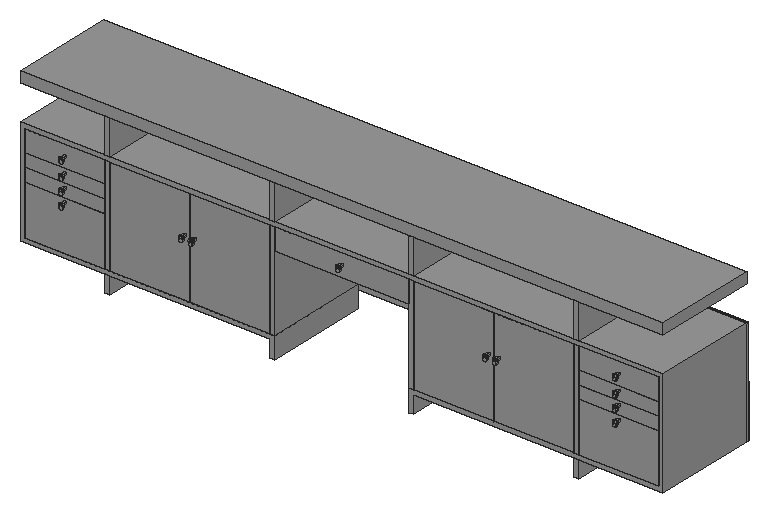
Revit family "F230 Sec'y Desk", category Generic Models, Revit 2016
Family settings
  Part Type = Normal
  Can host rebar = No
  Round Connector Dimension = Use Diameter
  Work Plane-Based = No
  Always vertical = Yes
  Cut with Voids When Loaded = No
  Shared = No
  Room Calculation Point = No
Parameters
  Seat Width = Desk Width - 6 * Drawer Width - 6 * ([1" Wood])  # 2' - 7"
  Drawer Width = Desk Width / 8  # 1' - 6 1/2"
  Desk Width = 12' - 4"
  Gap Distance = 0' - 8"
  Gap Between Floor and Desk = 0' - 4"
  Desk Wood = Cherry
  Desk Top Thickness = 0' - 2 1/2"
  Desk Height = 3' - 3"
  Desk Depth = 2' - 0"
  1/4" Wood = 0' - 0 1/4"
  1" Wood = 0' - 1"
Reference planes (in)
  plane 1 "Center (Front/Back)": y = 0
  plane 2: z = 0
  plane 3 "Center (Left/Right)": x = 6
  plane 4: y = 60
  plane 5: y = -108
  plane 6: x = -68
  plane 7: x = 80
  plane 8: x = -48.5
  plane 9: x = -47.5
  plane 10: x = -57.75
  plane 11: x = -10.5
  plane 12: x = -9.5
  plane 13: x = 22.5
  plane 14: x = 21.5
  plane 15: x = 59.5
  plane 16: x = 60.5
  plane 17: x = 69.75
  plane 18: x = 79
  plane 19: x = -67
  plane 20: y = 15
  plane 21: y = -9
Forms (in)
  Extrusion 1, solid, material "Cherry" <- "Desk Wood"
    sketch origin (-24, 0, 0) x (1, 0, 0) y (0, 1, 0)
      loop
        line (-44, 15) -> (-44, -9) -> (104, -9) -> (104, 15) -> (-44, 15)
    from 36.5 to 39
  Extrusion 2, solid, material "Cherry" <- "Desk Wood"
    sketch origin (0, 0, 0) x (1, 0, 0) y (0, 1, 0)
      loop
        line (-68, 15) -> (-68, -9) -> (80, -9) -> (80, 15) -> (-68, 15)
    from 4 to 28.5
  Extrusion 3, void
    sketch origin (0, 0, 0) x (1, 0, 0) y (0, 1, 0)
      loop
        line (-67, 15) -> (-67, -15) -> (79, -15) -> (79, 15) -> (-67, 15)
    from 5.0087 to 27.4946
  Extrusion 4, solid, material "Cherry" <- "Desk Wood"
    sketch origin (0, 0, 0) x (1, 0, 0) y (0, 0, 1)
      loop
        line (60.5, 5.0087) -> (60.5, 27.4946) -> (59.5, 27.4946) -> (59.5, 5.0087) -> (60.5, 5.0087)
    from -15 to 9
  Extrusion 5, solid, material "Cherry" <- "Desk Wood"
    sketch origin (-24, 0, 0) x (1, 0, 0) y (0, 0, 1)
      loop
        line (45.5, 5.0087) -> (46.5, 5.0087) -> (46.5, 27.4946) -> (45.5, 27.4946) -> (45.5, 5.0087)
    from -15 to 9
  Extrusion 6, solid, material "Cherry" <- "Desk Wood"
    sketch origin (-48, 0, 0) x (1, 0, 0) y (0, 0, 1)
      loop
        line (38.5, 5.0087) -> (38.5, 27.4946) -> (37.5, 27.4946) -> (37.5, 5.0087) -> (38.5, 5.0087)
    from -15 to 9
  Extrusion 7, solid, material "Cherry" <- "Desk Wood"
    sketch origin (-72, 0, 0) x (1, 0, 0) y (0, 0, 1)
      loop
        line (24.5, 5.0087) -> (24.5, 27.4946) -> (23.5, 27.4946) -> (23.5, 5.0087) -> (24.5, 5.0087)
    from -15 to 9
  Extrusion 8, solid, material "Cherry" <- "Desk Wood"
    sketch origin (0.25, 0, 0) x (1, 0, 0) y (0, 0, 1)
      loop
        line (59.25, 28.5) -> (60.25, 28.5) -> (60.25, 36.5) -> (59.25, 36.5) -> (59.25, 28.5)
    from -15 to 9
  Extrusion 9, solid, material "Cherry" <- "Desk Wood"
    sketch origin (-23.75, 0, 0) x (1, 0, 0) y (0, 0, 1)
      loop
        line (46.25, 28.5) -> (46.25, 36.5) -> (45.25, 36.5) -> (45.25, 28.5) -> (46.25, 28.5)
    from -15 to 9
  Extrusion 10, solid, material "Cherry" <- "Desk Wood"
    sketch origin (-46.42489, 0, 0) x (1, 0, 0) y (0, 0, 1)
      loop
        line (35.92489, 28.5) -> (36.92489, 28.5) -> (36.92489, 36.5) -> (35.92489, 36.5) -> (35.92489, 28.5)
    from -15 to 9
  Extrusion 11, solid, material "Cherry" <- "Desk Wood"
    sketch origin (-72.03475, 0, 0) x (1, 0, 0) y (0, 0, 1)
      loop
        line (23.53475, 28.5) -> (24.53475, 28.5) -> (24.53475, 36.5) -> (23.53475, 36.5) -> (23.53475, 28.5)
    from -15 to 9
  Extrusion 12, solid, material "Cherry" <- "Desk Wood"
    sketch origin (0, 0, 0) x (1, 0, 0) y (0, 0, 1)
      loop
        line (-10.5, 4) -> (-10.5, 0) -> (-9.5, 0) -> (-9.5, 4) -> (-10.5, 4)
    from -15 to 9
  Extrusion 13, solid, material "Cherry" <- "Desk Wood"
    sketch origin (24, 0, 0) x (1, 0, 0) y (0, 0, 1)
      loop
        line (-1.5, 4) -> (-2.5, 4) -> (-2.5, 0) -> (-1.5, 0) -> (-1.5, 4)
    from -15 to 9
  Extrusion 14, solid, material "Cherry" <- "Desk Wood"
    sketch origin (48, 0, 0) x (1, 0, 0) y (0, 0, 1)
      loop
        line (11.5, 4) -> (11.5, 0) -> (12.5, 0) -> (12.5, 4) -> (11.5, 4)
    from -15 to 9
  Extrusion 15, solid, material "Cherry" <- "Desk Wood"
    sketch origin (-24, 0, 0) x (1, 0, 0) y (0, 0, 1)
      loop
        line (-24.5, 4) -> (-24.5, 0) -> (-23.5, 0) -> (-23.5, 4) -> (-24.5, 4)
    from -15 to 9
  Extrusion 16, void
    sketch origin (0, 0, 0) x (1, 0, 0) y (0, 0, 1)
      loop
        line (-9.5, 5.0087) -> (-9.5, 4) -> (21.5, 4) -> (21.5, 5.0087) -> (-9.5, 5.0087)
    from -15 to 15
  Extrusion 17, solid, material "Cherry" <- "Desk Wood"
    sketch origin (0, 0, -0.0087) x (1, 0, 0) y (0, 0, 1)
      loop
        line (-47.5, 27.5033) -> (-47.5, 5.0174) -> (-29, 5.0174) -> (-29, 27.5033) -> (-47.5, 27.5033)
    from 8.75 to 9
  Extrusion 18, solid, material "Cherry" <- "Desk Wood"
    sketch origin (11.5, 0, 0) x (1, 0, 0) y (0, 0, 1)
      loop
        line (-40.5, 27.4946) -> (-40.5, 5.0087) -> (-22, 5.0087) -> (-22, 27.4946) -> (-40.5, 27.4946)
    from 8.75 to 9
  Extrusion 19, solid, material "Cherry" <- "Desk Wood"
    sketch origin (48, 0, -0.0087) x (1, 0, 0) y (0, 0, 1)
      loop
        line (-26.5, 27.5033) -> (-26.5, 5.0174) -> (-7, 5.0174) -> (-7, 27.5033) -> (-26.5, 27.5033)
    from 9 to 8.75
  Extrusion 20, solid, material "Cherry" <- "Desk Wood"
    sketch origin (59.5, 0, 0) x (1, 0, 0) y (0, 0, 1)
      loop
        line (-18.5, 27.4946) -> (-18.5, 5.0087) -> (0, 5.0087) -> (0, 27.4946) -> (-18.5, 27.4946)
    from 9 to 8.75
  Extrusion 21, solid, material "Cherry" <- "Desk Wood"
    sketch origin (0, 0, 0) x (1, 0, 0) y (0, 0, 1)
      loop
        line (-9.5, 27.4946) -> (-9.5, 22.4946) -> (21.5, 22.4946) -> (21.5, 27.4946) -> (-9.5, 27.4946)
    from -15 to 9
  Extrusion 22, solid, material "Cherry" <- "Desk Wood"
    sketch origin (0, 0, 0) x (1, 0, 0) y (0, 0, 1)
      loop
        line (-67, 27.4946) -> (-67, 22.4946) -> (-48.5, 22.4946) -> (-48.5, 27.4946) -> (-67, 27.4946)
    from -15 to 9
  Extrusion 23, solid, material "Cherry" <- "Desk Wood"
    sketch origin (0, 0, 0) x (1, 0, 0) y (0, 0, 1)
      loop
        line (60.5, 27.4946) -> (60.5, 22.4946) -> (79, 22.4946) -> (79, 27.4946) -> (60.5, 27.4946)
    from -15 to 9
  Extrusion 24, solid, material "Cherry" <- "Desk Wood"
    sketch origin (0, 0, 0) x (1, 0, 0) y (0, 0, 1)
      loop
        line (-67, 22.4946) -> (-67, 19.4946) -> (-48.5, 19.4946) -> (-48.5, 22.4946) -> (-67, 22.4946)
    from -15 to 9
  Extrusion 25, solid, material "Cherry" <- "Desk Wood"
    sketch origin (0, 0, 0) x (1, 0, 0) y (0, 0, 1)
      loop
        line (79, 22.4946) -> (60.5, 22.4946) -> (60.5, 19.4946) -> (79, 19.4946) -> (79, 22.4946)
    from -15 to 9
  Extrusion 26, solid, material "Cherry" <- "Desk Wood"
    sketch origin (0, 0, 0) x (1, 0, 0) y (0, 0, 1)
      loop
        line (-67, 19.4946) -> (-67, 16.4946) -> (-48.5, 16.4946) -> (-48.5, 19.4946) -> (-67, 19.4946)
    from -15 to 9
  Extrusion 27, solid, material "Cherry" <- "Desk Wood"
    sketch origin (0, 0, 0) x (1, 0, 0) y (0, 0, 1)
      loop
        line (79, 19.4946) -> (60.5, 19.4946) -> (60.5, 16.4946) -> (79, 16.4946) -> (79, 19.4946)
    from -15 to 9
  Extrusion 28, solid, material "Cherry" <- "Desk Wood"
    sketch origin (0, 0, 0) x (1, 0, 0) y (0, 0, 1)
      loop
        line (-67, 16.4946) -> (-67, 5.0087) -> (-48.5, 5.0087) -> (-48.5, 16.4946) -> (-67, 16.4946)
    from -15 to 9
  Extrusion 29, solid, material "Cherry" <- "Desk Wood"
    sketch origin (0, 0, 0) x (1, 0, 0) y (0, 0, 1)
      loop
        line (60.5, 16.4946) -> (60.5, 5.0087) -> (79, 5.0087) -> (79, 16.4946) -> (60.5, 16.4946)
    from -15 to 9
  Extrusion 30, solid, material "Cherry" <- "Desk Wood"
    sketch origin (0, 0, 0) x (1, 0, 0) y (0, 0, 1)
      loop
        line (80, 28.5) -> (-68, 28.5) -> (-68, 4) -> (80, 4) -> (80, 28.5)
    from -15.25 to -15
  Extrusion 31, solid, material "Cherry" <- "Desk Wood"
    sketch origin (0, 0, 0) x (1, 0, 0) y (0, 0, 1)
      loop
        line (80, 28.5) -> (40.9718, 28.5) -> (40.9718, 4) -> (80, 4) -> (80, 28.5)
      loop
        line (41.9718, 27.5) -> (41.9718, 5) -> (79, 5) -> (79, 27.5) -> (41.9718, 27.5)
    from -15.5 to -15.24362
  Extrusion 32, solid, material "Cherry" <- "Desk Wood"
    sketch origin (-72, 0, 0) x (1, 0, 0) y (0, 0, 1)
      loop
        line (43, 28.5) -> (4, 28.5) -> (4, 4) -> (43, 4) -> (43, 28.5)
      loop
        line (5, 27.4946) -> (5, 5.0087) -> (42, 5.0087) -> (42, 27.4946) -> (5, 27.4946)
    from -15.5 to -15.24362
Cuts and joins
  Extrusion 3, Extrusion 16 cuts Extrusion 2
  joined: Extrusion 2, Extrusion 12, Extrusion 13
  joined: Extrusion 6, Extrusion 30
Dimensions and locks (in)
  plane 4 to plane 5 = 14' - 0"
  locked: cut or joined group of Extrusion 2, Extrusion 3, Extrusion 12, Extrusion 13, Extrusion 16 to cut or joined group of Extrusion 2, Extrusion 3, Extrusion 12, Extrusion 13, Extrusion 16 at 1.0054
  locked: cut or joined group of Extrusion 2, Extrusion 3, Extrusion 12, Extrusion 13, Extrusion 16 to cut or joined group of Extrusion 2, Extrusion 3, Extrusion 12, Extrusion 13, Extrusion 16 at 1.0087
  level to Extrusion 12 = 0' - 4"
  "1/4" Wood": Extrusion 4 to Extrusion 18
  "1/4" Wood": Extrusion 17 to Extrusion 17
  equal spacing: nested 2, Extrusion 18, nested 3, locked at 1.125 each
  equal spacing: nested 5, Extrusion 20, nested 6, locked at 1.125 each
  "1" Wood": Extrusion 30 to Extrusion 31 sketch curve
  "1" Wood": Extrusion 31 sketch curve to Extrusion 31 sketch curve  (x3)
  "Desk Width": plane 7 to plane 6
  equal spacing: plane 8, plane 10, plane 19
  equal spacing: plane 9, Extrusion 18, plane 11
  equal spacing: plane 14, plane 3 "Center (Left/Right)", plane 12
  equal spacing: plane 15, Extrusion 20, plane 13
  equal spacing: plane 16, plane 17, plane 18
  "1" Wood": plane 15 to plane 16
  "1" Wood": plane 13 to plane 14
  "1" Wood": plane 11 to plane 12
  "1" Wood": plane 9 to plane 8
  "1" Wood": plane 19 to plane 6
  "1" Wood": plane 18 to plane 7
  "Drawer Width": plane 8 to plane 19
  "Drawer Width": plane 16 to plane 18
  "Seat Width": plane 12 to plane 14
  "Drawer Width": plane 9 to Extrusion 18
  "Drawer Width": Extrusion 18 to plane 11
  "Drawer Width": Extrusion 20 to plane 13
  "Drawer Width": Extrusion 20 to plane 15
  equal spacing: plane 18, plane 3 "Center (Left/Right)", plane 19
  "1/4" Wood": cut or joined group of Extrusion 6, Extrusion 30 to cut or joined group of Extrusion 6, Extrusion 30
  "1/4" Wood": cut or joined group of Extrusion 6, Extrusion 30 to Extrusion 31
  "1/4" Wood": cut or joined group of Extrusion 6, Extrusion 30 to Extrusion 32
  "Desk Depth": plane 21 to plane 20
  aligned and locked: level to plane 2
  aligned and locked: plane 7 to cut or joined group of Extrusion 2, Extrusion 3, Extrusion 12, Extrusion 13, Extrusion 16
  aligned and locked: cut or joined group of Extrusion 2, Extrusion 3, Extrusion 12, Extrusion 13, Extrusion 16 to Extrusion 1
  aligned and locked: cut or joined group of Extrusion 2, Extrusion 3, Extrusion 12, Extrusion 13, Extrusion 16 to plane 6
  aligned and locked: Extrusion 1 to plane 6
  aligned and locked: Extrusion 15 to level
  aligned and locked: Extrusion 12 to level
  aligned and locked: Extrusion 13 to level
  aligned and locked: Extrusion 14 to level
  aligned and locked: Extrusion 11 sketch curve to plane 8
  aligned and locked: Extrusion 11 sketch curve to plane 9
  aligned and locked: plane 8 to Extrusion 15 sketch curve
  aligned and locked: plane 9 to Extrusion 15 sketch curve
  aligned and locked: Extrusion 7 sketch curve to plane 8
  aligned and locked: Extrusion 7 sketch curve to plane 9
  aligned and locked: plane 10 to nested 1
  aligned and locked: plane 10 to nested 8
  aligned and locked: plane 10 to nested 9
  aligned and locked: plane 8 to Extrusion 22
  aligned and locked: plane 8 to Extrusion 24
  aligned and locked: plane 8 to Extrusion 26
  aligned and locked: plane 8 to Extrusion 28
  aligned and locked: Extrusion 18 to plane 11
  aligned and locked: plane 11 to Extrusion 12
  aligned and locked: plane 11 to Extrusion 10
  aligned and locked: plane 11 to Extrusion 6
  aligned and locked: plane 9 to Extrusion 17
  aligned and locked: Extrusion 12 to plane 12
  aligned and locked: Extrusion 6 to plane 12
  aligned and locked: plane 12 to Extrusion 21
  aligned and locked: Extrusion 10 to plane 12
  aligned and locked: Extrusion 13 to plane 13
  aligned and locked: Extrusion 5 to plane 13
  aligned and locked: Extrusion 9 to plane 13
  aligned and locked: plane 14 to Extrusion 13
  aligned and locked: Extrusion 19 to plane 14
  aligned and locked: plane 14 to Extrusion 9
  aligned and locked: plane 14 to Extrusion 5
  aligned and locked: plane 15 to Extrusion 14
  aligned and locked: Extrusion 20 to plane 15
  aligned and locked: plane 15 to Extrusion 4
  aligned and locked: plane 15 to Extrusion 8
  aligned and locked: Extrusion 14 to plane 16
  aligned and locked: Extrusion 4 to plane 16
  aligned and locked: plane 16 to Extrusion 29
  aligned and locked: plane 16 to Extrusion 27
  aligned and locked: plane 16 to Extrusion 25
  aligned and locked: plane 16 to Extrusion 23
  aligned and locked: Extrusion 8 to plane 16
  aligned and locked: plane 17 to nested 13
  aligned and locked: plane 17 to nested 12
  aligned and locked: plane 17 to nested 11
  aligned and locked: plane 17 to nested 7
  aligned and locked: Extrusion 29 sketch curve to cut or joined group of Extrusion 2, Extrusion 3, Extrusion 12, Extrusion 13, Extrusion 16
  aligned and locked: Extrusion 27 sketch curve to cut or joined group of Extrusion 2, Extrusion 3, Extrusion 12, Extrusion 13, Extrusion 16
  aligned and locked: Extrusion 29 sketch curve to plane 16
  aligned and locked: Extrusion 27 sketch curve to plane 16
  aligned and locked: Extrusion 25 sketch curve to plane 16
  aligned and locked: plane 18 to Extrusion 25 sketch curve
  aligned and locked: Extrusion 23 sketch curve to plane 18
  aligned and locked: Extrusion 28 sketch curve to plane 8
  aligned and locked: Extrusion 26 sketch curve to plane 19
  aligned and locked: plane 19 to Extrusion 24 sketch curve
  aligned and locked: Extrusion 24 sketch curve to plane 8
  aligned and locked: plane 19 to Extrusion 22 sketch curve
  aligned and locked: Extrusion 22 sketch curve to plane 8
  aligned and locked: Extrusion 31 to plane 7
  aligned and locked: cut or joined group of Extrusion 2, Extrusion 3, Extrusion 12, Extrusion 13, Extrusion 16 to plane 18
  aligned and locked: Extrusion 19 to Extrusion 20
  aligned and locked: Extrusion 17 to Extrusion 18
  aligned and locked: Extrusion 30 to plane 7
  aligned and locked: plane 10 to nested 10
  aligned and locked: Extrusion 32 to Extrusion 18
  aligned and locked: plane 3 "Center (Left/Right)" to nested 4
  aligned and locked: plane 14 to Extrusion 21
  aligned and locked: cut or joined group of Extrusion 2, Extrusion 3, Extrusion 12, Extrusion 13, Extrusion 16 to Extrusion 31
  aligned and locked: plane 20 to Extrusion 1
  aligned and locked: plane 20 to Extrusion 8
  aligned and locked: plane 20 to Extrusion 14
  aligned and locked: cut or joined group of Extrusion 6, Extrusion 30 to plane 20
  aligned and locked: plane 20 to cut or joined group of Extrusion 2, Extrusion 3, Extrusion 12, Extrusion 13, Extrusion 16
  aligned and locked: plane 20 to Extrusion 29
  aligned and locked: plane 20 to Extrusion 27
  aligned and locked: plane 20 to Extrusion 25
  aligned and locked: plane 20 to Extrusion 23
  aligned and locked: plane 20 to Extrusion 4
  aligned and locked: plane 20 to Extrusion 5
  aligned and locked: plane 20 to Extrusion 7
  aligned and locked: plane 20 to Extrusion 28
  aligned and locked: plane 20 to Extrusion 26
  aligned and locked: plane 20 to Extrusion 24
  aligned and locked: plane 20 to Extrusion 21
  aligned and locked: plane 20 to cut or joined group of Extrusion 6, Extrusion 30  (x2)
  aligned and locked: plane 20 to Extrusion 15
  aligned and locked: Extrusion 14 to plane 20
  aligned and locked: Extrusion 29 to plane 20
  aligned and locked: Extrusion 27 to plane 20
  aligned and locked: Extrusion 25 to plane 20
  aligned and locked: plane 20 to Extrusion 22
  aligned and locked: Extrusion 23 to plane 20
  aligned and locked: plane 20 to Extrusion 9
  aligned and locked: plane 20 to Extrusion 10
  aligned and locked: plane 20 to Extrusion 11
  aligned and locked: Extrusion 8 to plane 20
  aligned and locked: Extrusion 1 to plane 20
  aligned and locked: plane 21 to Extrusion 1
  aligned and locked: Extrusion 1 to plane 21  (x2)
  aligned and locked: plane 21 to Extrusion 8
  aligned and locked: plane 21 to Extrusion 9
  aligned and locked: plane 21 to Extrusion 10
  aligned and locked: plane 21 to Extrusion 11
  aligned and locked: Extrusion 8 to plane 21  (x2)
  aligned and locked: plane 21 to cut or joined group of Extrusion 2, Extrusion 3, Extrusion 12, Extrusion 13, Extrusion 16  (x3)
  aligned and locked: cut or joined group of Extrusion 2, Extrusion 3, Extrusion 12, Extrusion 13, Extrusion 16 to plane 21  (x4)
  aligned and locked: plane 21 to Extrusion 23
  aligned and locked: plane 21 to Extrusion 25
  aligned and locked: plane 21 to Extrusion 4
  aligned and locked: plane 21 to Extrusion 5
  aligned and locked: plane 21 to Extrusion 21
  aligned and locked: plane 21 to cut or joined group of Extrusion 6, Extrusion 30
  aligned and locked: plane 21 to Extrusion 18
  aligned and locked: plane 21 to Extrusion 17
  aligned and locked: plane 21 to Extrusion 7
  aligned and locked: plane 21 to Extrusion 22
  aligned and locked: Extrusion 23 to plane 21
  aligned and locked: plane 21 to Extrusion 24
  aligned and locked: Extrusion 25 to plane 21
  aligned and locked: plane 21 to Extrusion 27
  aligned and locked: plane 21 to Extrusion 26
  aligned and locked: Extrusion 27 to plane 21
  aligned and locked: plane 21 to Extrusion 29
  aligned and locked: plane 21 to Extrusion 28
  aligned and locked: Extrusion 29 to plane 21  (x2)
  aligned and locked: plane 21 to Extrusion 14
  aligned and locked: plane 21 to Extrusion 15
  aligned and locked: Extrusion 14 to plane 21
  aligned and locked: plane 21 to Extrusion 20
  aligned and locked: plane 21 to Extrusion 19
Automatic sketch dimensions
  plane 6 to Extrusion 1 sketch curve = 0' - 0"
  plane 1 "Center (Front/Back)" to Extrusion 1 sketch curve = 0' - 9"
  Extrusion 1 sketch curve to plane 1 "Center (Front/Back)" = 1' - 3"
  Extrusion 2 sketch curve to plane 6 = 0' - 0"
  plane 1 "Center (Front/Back)" to Extrusion 2 sketch curve = 0' - 9"
  Extrusion 2 sketch curve to plane 1 "Center (Front/Back)" = 1' - 3"
  plane 6 to Extrusion 3 sketch curve = 0' - 1"
  plane 1 "Center (Front/Back)" to Extrusion 3 sketch curve = 1' - 3"
  Extrusion 3 sketch curve to plane 1 "Center (Front/Back)" = 1' - 3"
  plane 3 "Center (Left/Right)" to Extrusion 4 sketch curve = 4' - 5 1/2"
  Extrusion 4 sketch curve to Extrusion 4 sketch curve = 0' - 1"
  level to Extrusion 4 sketch curve = 2' - 3.4946"
  level to Extrusion 4 sketch curve = 0' - 5.0087"
  plane 3 "Center (Left/Right)" to Extrusion 5 sketch curve = 1' - 4 1/2"
  plane 3 "Center (Left/Right)" to Extrusion 5 sketch curve = 1' - 3 1/2"
  level to Extrusion 5 sketch curve = 0' - 5.0087"
  Extrusion 5 sketch curve to Extrusion 5 sketch curve = 1' - 10.4859"
  level to Extrusion 6 sketch curve = 0' - 5.0087"
  Extrusion 6 sketch curve to plane 3 "Center (Left/Right)" = 1' - 4 1/2"
  Extrusion 6 sketch curve to Extrusion 6 sketch curve = 0' - 1"
  Extrusion 6 sketch curve to Extrusion 6 sketch curve = 1' - 10.4859"
  level to Extrusion 7 sketch curve = 0' - 5.0087"
  Extrusion 7 sketch curve to Extrusion 7 sketch curve = 1' - 10.4859"
  plane 3 "Center (Left/Right)" to Extrusion 8 sketch curve = 4' - 6 1/2"
  level to Extrusion 8 sketch curve = 2' - 4 1/2"
  Extrusion 8 sketch curve to Extrusion 8 sketch curve = 0' - 8"
  Extrusion 8 sketch curve to Extrusion 8 sketch curve = 0' - 1"
  plane 3 "Center (Left/Right)" to Extrusion 9 sketch curve = 1' - 4 1/2"
  plane 3 "Center (Left/Right)" to Extrusion 9 sketch curve = 1' - 3 1/2"
  level to Extrusion 9 sketch curve = 2' - 4 1/2"
  Extrusion 9 sketch curve to Extrusion 9 sketch curve = 0' - 8"
  Extrusion 10 sketch curve to plane 3 "Center (Left/Right)" = 1' - 4 1/2"
  Extrusion 10 sketch curve to Extrusion 10 sketch curve = 0' - 1"
  level to Extrusion 10 sketch curve = 2' - 4 1/2"
  Extrusion 10 sketch curve to Extrusion 10 sketch curve = 0' - 8"
  level to Extrusion 11 sketch curve = 2' - 4 1/2"
  Extrusion 11 sketch curve to Extrusion 11 sketch curve = 0' - 8"
  Extrusion 12 sketch curve to level = 0' - 0"
  Extrusion 12 sketch curve to plane 3 "Center (Left/Right)" = 1' - 3 1/2"
  Extrusion 12 sketch curve to Extrusion 12 sketch curve = 0' - 4"
  Extrusion 12 sketch curve to Extrusion 12 sketch curve = 0' - 1"
  Extrusion 13 sketch curve to level = 0' - 0"
  plane 3 "Center (Left/Right)" to Extrusion 13 sketch curve = 1' - 4 1/2"
  plane 3 "Center (Left/Right)" to Extrusion 13 sketch curve = 1' - 3 1/2"
  level to Extrusion 13 sketch curve = 0' - 4"
  Extrusion 14 sketch curve to level = 0' - 0"
  level to Extrusion 14 sketch curve = 0' - 4"
  plane 3 "Center (Left/Right)" to Extrusion 14 sketch curve = 4' - 5 1/2"
  Extrusion 14 sketch curve to Extrusion 14 sketch curve = 0' - 1"
  Extrusion 15 sketch curve to level = 0' - 0"
  level to Extrusion 15 sketch curve = 0' - 4"
  level to Extrusion 16 sketch curve = 0' - 4"
  Extrusion 16 sketch curve to Extrusion 16 sketch curve = 0' - 1.0087"
  level to Extrusion 17 sketch curve = 0' - 5.0087"
  plane 6 to Extrusion 17 sketch curve = 1' - 8 1/2"
  Extrusion 17 sketch curve to Extrusion 17 sketch curve = 1' - 6 1/2"
  Extrusion 17 sketch curve to Extrusion 17 sketch curve = 1' - 10.4859"
  level to Extrusion 18 sketch curve = 0' - 5.0087"
  plane 6 to Extrusion 18 sketch curve = 3' - 3"
  Extrusion 18 sketch curve to Extrusion 18 sketch curve = 1' - 6 1/2"
  Extrusion 18 sketch curve to Extrusion 18 sketch curve = 1' - 10.4859"
  plane 3 "Center (Left/Right)" to Extrusion 19 sketch curve = 1' - 3 1/2"
  Extrusion 19 sketch curve to Extrusion 19 sketch curve = 1' - 7 1/2"
  level to Extrusion 19 sketch curve = 0' - 5.0087"
  Extrusion 19 sketch curve to Extrusion 19 sketch curve = 1' - 10.4859"
  level to Extrusion 20 sketch curve = 0' - 5.0087"
  plane 3 "Center (Left/Right)" to Extrusion 20 sketch curve = 2' - 11"
  Extrusion 20 sketch curve to Extrusion 20 sketch curve = 1' - 6 1/2"
  Extrusion 20 sketch curve to Extrusion 20 sketch curve = 1' - 10.4859"
  Extrusion 21 sketch curve to plane 3 "Center (Left/Right)" = 1' - 3 1/2"
  plane 3 "Center (Left/Right)" to Extrusion 21 sketch curve = 1' - 3 1/2"
  level to Extrusion 21 sketch curve = 1' - 10.4946"
  Extrusion 21 sketch curve to Extrusion 21 sketch curve = 0' - 5"
  level to Extrusion 22 sketch curve = 1' - 10.4946"
  Extrusion 22 sketch curve to Extrusion 22 sketch curve = 0' - 5"
  Extrusion 23 sketch curve to Extrusion 23 sketch curve = 1' - 6 1/2"
  level to Extrusion 23 sketch curve = 1' - 10.4946"
  Extrusion 23 sketch curve to Extrusion 23 sketch curve = 0' - 5"
  level to Extrusion 24 sketch curve = 1' - 7.4946"
  Extrusion 24 sketch curve to Extrusion 24 sketch curve = 0' - 3"
  level to Extrusion 25 sketch curve = 1' - 7.4946"
  Extrusion 25 sketch curve to Extrusion 25 sketch curve = 0' - 3"
  Extrusion 26 sketch curve to Extrusion 26 sketch curve = 1' - 6 1/2"
  level to Extrusion 26 sketch curve = 1' - 4.4946"
  Extrusion 26 sketch curve to Extrusion 26 sketch curve = 0' - 3"
  level to Extrusion 27 sketch curve = 1' - 4.4946"
  Extrusion 27 sketch curve to Extrusion 27 sketch curve = 0' - 3"
  level to Extrusion 28 sketch curve = 0' - 5.0087"
  Extrusion 28 sketch curve to Extrusion 28 sketch curve = 0' - 11.4859"
  plane 6 to Extrusion 28 sketch curve = 0' - 1"
  level to Extrusion 29 sketch curve = 0' - 5.0087"
  Extrusion 29 sketch curve to Extrusion 29 sketch curve = 0' - 11.4859"
  Extrusion 30 sketch curve to plane 6 = 0' - 0"
  level to Extrusion 30 sketch curve = 0' - 4"
  Extrusion 30 sketch curve to Extrusion 30 sketch curve = 2' - 0 1/2"
  Extrusion 32 sketch curve to plane 6 = 0' - 0"
  plane 6 to Extrusion 32 sketch curve = 0' - 1"
  Extrusion 32 sketch curve to Extrusion 32 sketch curve = 3' - 1"
  Extrusion 32 sketch curve to Extrusion 32 sketch curve = 0' - 1"
  level to Extrusion 32 sketch curve = 0' - 4"
  Extrusion 32 sketch curve to Extrusion 32 sketch curve = 0' - 1.0087"
  Extrusion 32 sketch curve to Extrusion 32 sketch curve = 1' - 10.4859"
  Extrusion 32 sketch curve to Extrusion 32 sketch curve = 0' - 1.0054"
  plane 3 "Center (Left/Right)" to Extrusion 1 sketch curve = 6' - 2"
  plane 3 "Center (Left/Right)" to Extrusion 2 sketch curve = 6' - 2"
  plane 3 "Center (Left/Right)" to Extrusion 3 sketch curve = 6' - 1"
  plane 3 "Center (Left/Right)" to Extrusion 30 sketch curve = 6' - 2"
  plane 12 to Extrusion 16 sketch curve = 0' - 0"
  Extrusion 16 sketch curve to plane 14 = 0' - 0"
  plane 7 to Extrusion 31 sketch curve = 0' - 0"
  plane 15 to Extrusion 31 sketch curve = 1' - 5.5282"
  level to Extrusion 31 sketch curve = 0' - 4"
  Extrusion 31 sketch curve to Extrusion 31 sketch curve = 1' - 10 1/2"
Nested families (in)
  nested 1: "Railroad_Spike_Drawer_Pull_16571" at (-57.75, -9, 25) x (1, 0, 0) z (0, -1, 0), type "Railroad_Spike_Drawer_Pull_16571"
  nested 2: "Railroad_Spike_Drawer_Pull_16571" at (-30.125, -9, 18.4946) x (1, 0, 0) z (0, -1, 0), type "Railroad_Spike_Drawer_Pull_16571"
  nested 3: "Railroad_Spike_Drawer_Pull_16571" at (-27.875, -9, 18.4946) x (1, 0, 0) z (0, -1, 0), type "Railroad_Spike_Drawer_Pull_16571"
  nested 4: "Railroad_Spike_Drawer_Pull_16571" at (6, -9, 25) x (1, 0, 0) z (0, -1, 0), type "Railroad_Spike_Drawer_Pull_16571"
  nested 5: "Railroad_Spike_Drawer_Pull_16571" at (39.875, -9, 18.4946) x (1, 0, 0) z (0, -1, 0), type "Railroad_Spike_Drawer_Pull_16571"
  nested 6: "Railroad_Spike_Drawer_Pull_16571" at (42.125, -9, 18.4946) x (1, 0, 0) z (0, -1, 0), type "Railroad_Spike_Drawer_Pull_16571"
  nested 7: "Railroad_Spike_Drawer_Pull_16571" at (69.75, -9, 25) x (1, 0, 0) z (0, -1, 0), type "Railroad_Spike_Drawer_Pull_16571"
  nested 8: "Railroad_Spike_Drawer_Pull_16571" at (-57.75, -9, 21.4946) x (1, 0, 0) z (0, -1, 0), type "Railroad_Spike_Drawer_Pull_16571"
  nested 9: "Railroad_Spike_Drawer_Pull_16571" at (-57.75, -9, 18.4946) x (1, 0, 0) z (0, -1, 0), type "Railroad_Spike_Drawer_Pull_16571"
  nested 10: "Railroad_Spike_Drawer_Pull_16571" at (-57.75, -9, 15.4946) x (1, 0, 0) z (0, -1, 0), type "Railroad_Spike_Drawer_Pull_16571"
  nested 11: "Railroad_Spike_Drawer_Pull_16571" at (69.75, -9, 21.4946) x (1, 0, 0) z (0, -1, 0), type "Railroad_Spike_Drawer_Pull_16571"
  nested 12: "Railroad_Spike_Drawer_Pull_16571" at (69.75, -9, 18.4946) x (1, 0, 0) z (0, -1, 0), type "Railroad_Spike_Drawer_Pull_16571"
  nested 13: "Railroad_Spike_Drawer_Pull_16571" at (69.75, -9, 15.4946) x (1, 0, 0) z (0, -1, 0), type "Railroad_Spike_Drawer_Pull_16571"
Definition of nested family "Railroad_Spike_Drawer_Pull_16571"
  Parameters (values of type "Railroad_Spike_Drawer_Pull_16571")
    Rail Spike Handle = none
    Default Elevation = 4' - 0"
  Reference planes (in)
    plane 1 "Center (Front/Back)": y = 0
    plane 2: z = 0
    plane 3 "Center (Left/Right)": x = 0
  Forms (in)
    Extrusion 1, solid
      sketch origin (0, 0, 0) x (1, 0, 0) y (0, 1, 0)
        loop
          line (-48, 48) -> (-48, -48) -> (48, -48) -> (48, 48) -> (-48, 48)
      from 0 to -12
    Extrusion 2, solid, material <- "Rail Spike Handle"
      sketch origin (0, 0, 0) x (1, 0, 0) y (0, 1, 0)
        loop
          line (-0.28125, 0) -> (-0.28125, -0.28125) -> (0, -0.28125) -> (0.28125, -0.28125) -> (0.28125, 0) -> (0.28125, 0.28125) -> (0, 0.28125) -> (-0.28125, 0.28125) -> (-0.28125, 0)
      from 0 to 1
    Extrusion 3, solid, material <- "Rail Spike Handle"
      sketch origin (0, 0.1875, 0) x (1, 0, 0) y (0, 0, 1)
        loop
          arc (0.57664, 1) -> (0.61594, 1.02017) -> (0.62245, 1.06386) r 0.04836
          arc (0.62245, 1.06386) -> (0, 1.21875) -> (-0.62245, 1.06386) r 1.32812
          arc (-0.62245, 1.06386) -> (-0.61594, 1.02017) -> (-0.57664, 1) r 0.04836
          line (-0.57664, 1) -> (-0.28125, 1) -> (0, 1) -> (0.28125, 1) -> (0.57664, 1)
      from 1.21875 to -0.28125
    Extrusion 4, void
      sketch origin (0, 0, 0) x (0, 1, 0) y (0, 0, 1)
        loop
          line (0.51757, 0.93848) -> (0.51757, 1.25783) -> (0, 1.25783) -> (-1.12406, 1.25783) -> (-1.12406, 1.09045) -> (-1.03125, 1.10082) -> (-0.14402, 1.19989)
          arc (-0.14402, 1.19989) -> (0.14663, 1.20467) -> (0.43298, 1.15459) r 1.53574
          arc (0.43298, 1.15459) -> (0.46036, 1.11867) -> (0.43298, 1.08276) r 0.03725
          arc (0.43298, 1.08276) -> (0.3523, 1.05019) -> (0.28125, 1) r 0.37678
          line (0.28125, 1) -> (0.28125, 0.93848) -> (0.51757, 0.93848)
      from -1 to 1
    Extrusion 5, void
      sketch origin (0, 0, 0) x (1, 0, 0) y (0, 1, 0)
        loop
          line (0, 0.68805) -> (-0.75, 0.68805) -> (-0.75, -1.31195) -> (0, -1.31195) -> (0.75, -1.31195) -> (0.75, 0.68805) -> (0, 0.68805)
        loop
          arc (-0.40285, -0.80076) -> (-0.25888, -0.92399) -> (-0.07462, -0.96829) r 0.4053
          line (-0.07462, -0.96829) -> (0, -0.96829) -> (0.07462, -0.96829)
          arc (0.07462, -0.96829) -> (0.25888, -0.92399) -> (0.40285, -0.80076) r 0.4053
          arc (0.40285, -0.80076) -> (0.5189, -0.514) -> (0.58965, -0.21285) r 2.01338
          arc (0.58965, -0.21285) -> (0.55793, 0.05628) -> (0.39186, 0.27044) r 0.50589
          arc (0.39186, 0.27044) -> (0.20639, 0.36625) -> (0, 0.39754) r 0.64247
          arc (0, 0.39754) -> (-0.20639, 0.36625) -> (-0.39186, 0.27044) r 0.64247
          arc (-0.39186, 0.27044) -> (-0.55793, 0.05628) -> (-0.58965, -0.21285) r 0.50589
          arc (-0.58965, -0.21285) -> (-0.5189, -0.514) -> (-0.40285, -0.80076) r 2.01338
      from 0.5 to 1.5
  Cuts and joins
    Extrusion 4 cuts Extrusion 2
    Extrusion 4, Extrusion 5 cuts Extrusion 3
  Dimensions and locks (in)
    aligned and locked: plane 2 to Extrusion 1
    aligned and locked: level to Extrusion 1
